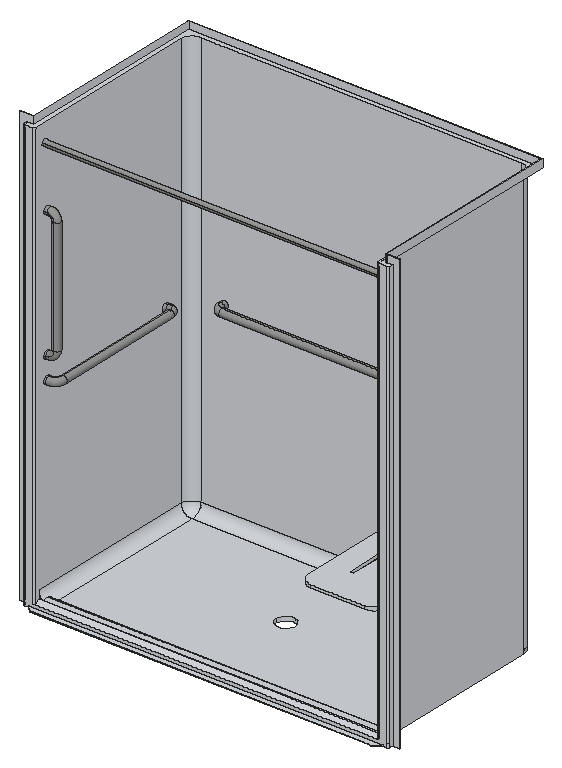
Revit family "OASIS SHFW-WX-6235", category Plumbing Fixtures, Revit 2017
Family settings
  Round Connector Dimension = Use Diameter
  Part Type = Normal
  OmniClass Number = 23.45.05.14.17.11
  OmniClass Title = Shower Compartments
  Work Plane-Based = No
  Always vertical = Yes
  Cut with Voids When Loaded = No
  Shared = No
  Room Calculation Point = No
Parameters (values of type "ANS17 package")
  Width [instance] = 5' - 2"
  Stainless steel = none
  URL = "www.oasisbath.com"
  Type Comments = "SHOWER"  # constant formula
  Shower Rod = yes
  Seat Finish = none
  Seat_Fold = yes
  Sanitary Connector = "Sanitary Connection"  # constant formula
  Product Documentation Link [instance] = "www.oasisbath.com"
  Model = "SHFW-WX-6235/ADA-TL"
  Manufacturer = "OASIS"  # constant formula
  Height [instance] = 6' - 4 3/4"
  Grab Bar Finish = none
  Bar_Vert = yes
  Bar_Horz_Right = no
  Bar_Horz_Left = yes
  Bar_Horz_Back_36" = yes
  Bar_Horz_Back_48" = no
  BIM Model By = "www.epoch-design.com"
  Description = ""
  Depth [instance] = 2' - 11"
  Color = none
Types (6): name | Shower Rod | Seat_Fold | Model | Bar_Vert | Bar_Horz_Right | Bar_Horz_Left | Bar_Horz_Back_36" | Bar_Horz_Back_48"
  Base Model, 3SF, 3SM, FH, TLRF, TDRFDS, & TLVRF packages | no | no | "SHFW-WX-6235/(3SF,3SM,FH,TLRF,TLRFDS,TLVRF)" | no | no | no | no | no
  2BAR package | no | no | "SHFW-WX-6235/2BAR" | no | no | yes | yes | no
  ADA-RI package | yes | no | "SHFW-WX-6235/ADA-RI" | no | yes | yes | no | yes
  ADA-TL package | yes | yes | "SHFW-WX-6235/ADA-TL" | no | no | yes | yes | no
  3BAR package | no | no | "SHFW-WX-6235/3BAR" | yes | no | yes | yes | no
  ANS17 package | yes | yes | "SHFW-WX-6235/ADA-TL" | yes | no | yes | yes | no
Reference planes (in)
  plane 1 "Back": y = 0
  plane 2 "Floor": z = 0
  plane 3 "Center (Left/Right)": x = 0
Forms (in)
  Sweep 1, solid, detail levels medium+fine
    path origin (0, 0, 0) x (1, 0, 0) y (0, 1, 0)
      loop
        line (33.25, -34.12636) -> (32, -34.12636) -> (32, -34.75)
        arc (32, -34.75) -> (31.92678, -34.92678) -> (31.75, -35) r 0.25
        line (31.75, -35) -> (30.25, -35)
        arc (30.25, -35) -> (30.07322, -34.92678) -> (30, -34.75) r 0.25
        line (30, -34.75) -> (30, -3)
        arc (30, -3) -> (29.41421, -1.58579) -> (28, -1) r 2
        line (28, -1) -> (-28, -1)
        arc (-28, -1) -> (-29.41421, -1.58579) -> (-30, -3) r 2
        line (-30, -3) -> (-30, -34.75)
        arc (-30, -34.75) -> (-30.07322, -34.92678) -> (-30.25, -35) r 0.25
        line (-30.25, -35) -> (-31.75, -35)
        arc (-31.75, -35) -> (-31.92678, -34.92678) -> (-32, -34.75) r 0.25
        line (-32, -34.75) -> (-32, -34.12636) -> (-33.25, -34.12636)
    profile origin (-32.625, -34.12636, 0) x (0, -1, 0) y (0, 0, 1)
      loop
        line (0, 0.75) -> (0, 75.5) -> (-0.125, 75.5) -> (-0.125, 0.75) -> (0, 0.75)
  Extrusion 2, solid, detail levels medium+fine
    sketch origin (0, 0, 75.5) x (1, 0, 0) y (0, 1, 0)
      loop
        arc (-31.875, -34.75) -> (-31.83839, -34.83839) -> (-31.75, -34.875) r 0.125
        line (-31.75, -34.875) -> (-30.25, -34.875)
        arc (-30.25, -34.875) -> (-30.16161, -34.83839) -> (-30.125, -34.75) r 0.125
        line (-30.125, -34.75) -> (-30.125, -3)
        arc (-30.125, -3) -> (-29.5026, -1.4974) -> (-28, -0.875) r 2.125
        line (-28, -0.875) -> (28, -0.875)
        arc (28, -0.875) -> (29.5026, -1.4974) -> (30.125, -3) r 2.125
        line (30.125, -3) -> (30.125, -34.75)
        arc (30.125, -34.75) -> (30.16161, -34.83839) -> (30.25, -34.875) r 0.125
        line (30.25, -34.875) -> (31.75, -34.875)
        arc (31.75, -34.875) -> (31.83839, -34.83839) -> (31.875, -34.75) r 0.125
        line (31.875, -34.75) -> (31.875, -34.00136) -> (31, -34.00136) -> (31, 0) -> (-31, 0) -> (-31, -34.00136) -> (-31.875, -34.00136) -> (-31.875, -34.75)
    from 0 to -0.125
  Extrusion 3, solid, detail levels medium+fine
    sketch origin (0, 0, 75.5) x (1, 0, 0) y (0, 1, 0)
      loop
        line (-31, -34.00136) -> (-33.25, -34.00136) -> (-33.25, -34.12636) -> (-30.875, -34.12636) -> (-30.875, -0.125) -> (30.875, -0.125) -> (30.875, -34.12636) -> (33.25, -34.12636) -> (33.25, -34.00136) -> (31, -34.00136) -> (31, 0) -> (-31, 0) -> (-31, -34.00136)
    from 0 to 1.25
  Extrusion 4, solid, detail levels medium+fine
    sketch origin (0, 0, 0.125) x (1, 0, 0) y (0, 1, 0)
      loop
        line (-30.125, -34.875) -> (30.125, -34.875) -> (30.125, -3)
        arc (30.125, -3) -> (29.5026, -1.4974) -> (28, -0.875) r 2.125
        line (28, -0.875) -> (-28, -0.875)
        arc (-28, -0.875) -> (-29.5026, -1.4974) -> (-30.125, -3) r 2.125
        line (-30.125, -3) -> (-30.125, -34.875)
    from 0 to 0.625
  Extrusion 5, solid, detail levels medium+fine
    sketch origin (-30, 0, 0) x (0, 1, 0) y (0, 0, 1)
      loop
        line (-32, 0.75) -> (-32.68702, 1.20801)
        arc (-32.68702, 1.20801) -> (-32.75325, 1.23927) -> (-32.82569, 1.25) r 0.25
        line (-32.82569, 1.25) -> (-34.06068, 1.25)
        arc (-34.06068, 1.25) -> (-34.11811, 1.24331) -> (-34.17248, 1.22361) r 0.25
        line (-34.17248, 1.22361) -> (-35, 0.75) -> (-32, 0.75)
    from 0 to 60
  Extrusion 6, solid, detail levels medium+fine
    sketch origin (0, 0, 0) x (1, 0, 0) y (0, 1, 0)
      loop
        line (-31, -35) -> (-30, -36) -> (30, -36) -> (31, -35) -> (-31, -35)
    from 0 to 0.125
  Extrusion 7, solid, detail levels medium+fine
    sketch origin (0, 0, 0) x (1, 0, 0) y (0, 1, 0)
      loop
        line (-33.25, -34.00136) -> (-33.25, -34.12636) -> (-32, -34.12636) -> (-32, -34.75)
        arc (-32, -34.75) -> (-31.92678, -34.92678) -> (-31.75, -35) r 0.25
        line (-31.75, -35) -> (31.75, -35)
        arc (31.75, -35) -> (31.92678, -34.92678) -> (32, -34.75) r 0.25
        line (32, -34.75) -> (32, -34.12636) -> (33.25, -34.12636) -> (33.25, -34.00136) -> (31.875, -34.00136) -> (31.875, -34.75)
        arc (31.875, -34.75) -> (31.83839, -34.83839) -> (31.75, -34.875) r 0.125
        line (31.75, -34.875) -> (-31.75, -34.875)
        arc (-31.75, -34.875) -> (-31.83839, -34.83839) -> (-31.875, -34.75) r 0.125
        line (-31.875, -34.75) -> (-31.875, -34.00136) -> (-33.25, -34.00136)
    from 0 to 0.75
  Extrusion 8, void
    sketch origin (0, 0, 0) x (1, 0, 0) y (0, 1, 0)
      loop
        circle (0, -17.5) r 1.6875
    from 0 to 0.75
  Sweep 9, solid, detail levels medium+fine
    path origin (0, 0, 0) x (1, 0, 0) y (0, 1, 0)
      loop
        line (30, -34) -> (30, -3)
        arc (30, -3) -> (29.41421, -1.58579) -> (28, -1) r 2
        line (28, -1) -> (-28, -1)
        arc (-28, -1) -> (-29.41421, -1.58579) -> (-30, -3) r 2
        line (-30, -3) -> (-30, -34)
    profile origin (-30, -18.5, 0) x (1, 0, 0) y (0, 0, 1)
      loop
        line (0, 2.625) -> (0, 0.75) -> (1.875, 0.75)
        arc (1.875, 0.75) -> (0.54917, 1.29917) -> (0, 2.625) r 1.875
  Extrusion 10, solid, detail levels coarse
    sketch origin (0, 0, 0) x (1, 0, 0) y (0, 1, 0)
      loop
        line (31, 0) -> (-31, 0) -> (-31, -34) -> (-33.25, -34) -> (-33.25, -36) -> (33.25, -36) -> (33.25, -34) -> (31, -34) -> (31, 0)
    from 0 to 76.75
Cuts and joins
  Extrusion 8 cuts Extrusion 4
  joined: Sweep 1, Extrusion 2, Extrusion 3, Extrusion 4, Extrusion 5, Extrusion 6, Extrusion 7, Sweep 9
Lines and regions (in)
  symbolic lines
    curve 1: line (31, 0, 0) -> (-31, 0, 0)
    curve 5: line (-31, 0, 0) -> (-31, -34.00136, 0)
    curve 8: line (31, 0, 0) -> (31, -34.00136, 0)
    curve 12: line (31, -35, 0) -> (-31, -35, 0)
    curve 40: line (-31, -36.25, 75.5) -> (31, -36.25, 75.5)
    curve 42: line (31, -36.25, 0) -> (-31, -36.25, 0)
    curve 80: line (0, -32, 0.75) -> (0, -31.875, 0.75)
    curve 83: line (0, -35, 0.125) -> (0, -35, 0.75)
  symbolic lines, detail levels medium+fine
    curve 2: line (28, -1, 0) -> (-28, -1, 0)
    curve 3: line (-33.25, -34.00136, 0) -> (-33.25, -34.12636, 0)
    curve 4: line (-32, -34.12636, 0) -> (-32, -34.75, 0)
    curve 6: line (-30, -3, 0) -> (-30, -34.75, 0)
    curve 7: line (30, -3, 0) -> (30, -34.75, 0)
    curve 10: arc (-30, -3, 0) -> (-29.41421, -1.58579, 0) -> (-28, -1, 0) r 2
    curve 11: arc (28, -1, 0) -> (29.41421, -1.58579, 0) -> (30, -3, 0) r 2
    curve 13: line (33.25, -34.12636, 0) -> (32, -34.12636, 0)
    curve 14: line (31.75, -35, 0) -> (31, -35, 0)
    curve 15: line (33.25, -34.00136, 0) -> (33.25, -34.12636, 0)
    curve 16: line (32, -34.12636, 0) -> (32, -34.75, 0)
    curve 17: line (33.25, -34.00136, 0) -> (31, -34.00136, 0)
    curve 18: arc (30, -34.75, 0) -> (30.07322, -34.92678, 0) -> (30.25, -35, 0) r 0.25
    curve 19: arc (32, -34.75, 0) -> (31.92678, -34.92678, 0) -> (31.75, -35, 0) r 0.25
    curve 22: line (-32, -34.12636, 0) -> (-33.25, -34.12636, 0)
    curve 23: line (-31, -35, 0) -> (-31.75, -35, 0)
    curve 24: line (-31, -34.00136, 0) -> (-33.25, -34.00136, 0)
    curve 25: arc (-30.25, -35, 0) -> (-30.07322, -34.92678, 0) -> (-30, -34.75, 0) r 0.25
    curve 26: arc (-32, -34.75, 0) -> (-31.92678, -34.92678, 0) -> (-31.75, -35, 0) r 0.25
    curve 39: circle (0, -17.5, 0) r 1.6875 normal (0, 0, 1)
    curve 49: line (-32, -36.25, 75.5) -> (-32, -36.25, 0)
    curve 50: line (32, -36.25, 75.5) -> (32, -36.25, 0)
    curve 51: line (-32, -36.25, 75.5) -> (-31, -36.25, 75.5)
    curve 52: line (31, -36.25, 75.5) -> (32, -36.25, 75.5)
    curve 53: line (31, -36.25, 0) -> (32, -36.25, 0)
    curve 55: line (-31, -36.25, 0) -> (-32, -36.25, 0)
    curve 59: line (-30, -36.25, 75.5) -> (-30, -36.25, 2.75)
    curve 60: line (30, -36.25, 75.5) -> (30, -36.25, 2.75)
    curve 61: line (-29.32288, -36.25, 1.25) -> (29.32288, -36.25, 1.25)
    curve 66: line (0, -34.12636, 75.5) -> (0, -34.12636, 76.75)
    curve 67: line (0, -34.12636, 76.75) -> (0, 0, 76.75)
    curve 68: line (0, 0, 75.5) -> (0, 0, 76.75)
    curve 69: line (0, -1, 2.75) -> (0, -1, 75.5)
    curve 70: line (0, -3.12556, 0.75) -> (0, -3, 0.75)
    curve 74: line (0, -34.12636, 1.25) -> (0, -32.75, 1.25)
    curve 75: line (0, -19.1875, 0) -> (0, -19.1875, 0.125)
    curve 76: line (0, -15.8125, 0) -> (0, -15.8125, 0.125)
    curve 77: line (0, -15.8125, 0.125) -> (0, -15.3125, 0.125)
    curve 78: line (0, -19.6875, 0.125) -> (0, -19.1875, 0.125)
    curve 79: line (0, -15.3125, 0.125) -> (0, -3.12556, 0.75)
    curve 81: line (0, -31.875, 0.75) -> (0, -19.6875, 0.125)
    curve 82: arc (0, -1, 2.75) -> (0, -1.58579, 1.33579) -> (0, -3, 0.75) r 2
    curve 84: line (0, -35, 0.75) -> (0, -34.12636, 1.25)
    curve 85: line (0, -32.75, 1.25) -> (0, -32, 0.75)
    curve 91: arc (-30, -36.25, 2.75) -> (-29.82288, -36.25, 1.92712) -> (-29.32288, -36.25, 1.25) r 2
    curve 92: arc (29.32288, -36.25, 1.25) -> (29.82288, -36.25, 1.92712) -> (30, -36.25, 2.75) r 2
    curve 93: line (0, -19.1875, 0) -> (0, -15.8125, 0)
  symbolic lines, detail levels fine
    curve 9: line (30, -32, 0) -> (-30, -32, 0)
    curve 20: line (30, -36, 0) -> (-30, -36, 0)
    curve 21: line (30, -36, 0) -> (31, -35, 0)
    curve 27: line (-31, -35, 0) -> (-30, -36, 0)
    curve 28: line (30.875, -0.125, 0) -> (-30.875, -0.125, 0)
    curve 29: line (-30.875, -0.125, 0) -> (-30.875, -34.12636, 0)
    curve 30: line (30.875, -0.125, 0) -> (30.875, -34.12636, 0)
    curve 31: line (32, -34.12636, 0) -> (30.875, -34.12636, 0)
    curve 32: line (-30.875, -34.12636, 0) -> (-32, -34.12636, 0)
    curve 33: line (30, -34.12636, 0) -> (-30, -34.12636, 0)
    curve 34: line (30, -32.75, 0) -> (-30, -32.75, 0)
    curve 46: line (-33.25, -36.25, 76.75) -> (-33.25, -36.25, 0)
    curve 47: line (-33.25, -36.25, 76.75) -> (33.25, -36.25, 76.75)
    curve 48: line (33.25, -36.25, 76.75) -> (33.25, -36.25, 0)
    curve 54: line (32, -36.25, 0) -> (33.25, -36.25, 0)
    curve 56: line (-32, -36.25, 0) -> (-33.25, -36.25, 0)
    curve 57: line (31, -36.25, 76.75) -> (31, -36.25, 75.5)
    curve 58: line (-31, -36.25, 76.75) -> (-31, -36.25, 75.5)
    curve 62: line (-30, -36.25, 0.75) -> (30, -36.25, 0.75)
    curve 63: line (-31, -36.25, 0.125) -> (31, -36.25, 0.125)
    curve 71: line (0, -36, 0) -> (0, -36, 0.125)
    curve 72: line (0, -36, 0.125) -> (0, -35, 0.125)
    curve 73: line (0, -36, 0) -> (0, -35, 0)
    curve 90: line (0, -0.125, 75.5) -> (0, -0.125, 76.75)
  symbolic lines, style "PlumbingFixturesHiddenLines", detail levels coarse
    curve 35: line (-31, 0, 0) -> (31, -35, 0)
    curve 36: line (31, 0, 0) -> (-31, -35, 0)
    curve 44: line (-31, -36.25, 75.5) -> (31, -36.25, 0)
    curve 45: line (31, -36.25, 75.5) -> (-31, -36.25, 0)
    curve 64: line (0, -35, 75.5) -> (0, 0, 0)
    curve 65: line (0, 0, 75.5) -> (0, -35, 0)
  symbolic lines, detail levels coarse
    curve 37: line (-31, -34.00136, 0) -> (-31, -35, 0)
    curve 38: line (31, -34.00136, 0) -> (31, -35, 0)
    curve 41: line (-31, -36.25, 0) -> (-31, -36.25, 75.5)
    curve 43: line (31, -36.25, 75.5) -> (31, -36.25, 0)
  symbolic lines, style "PlumbingFixtures", detail levels coarse
    curve 86: line (0, 0, 75.5) -> (0, 0, 0)
    curve 88: line (0, 0, 0) -> (0, -35, 0)
  symbolic lines, style "PlumbingFixtures"
    curve 87: line (0, -35, 0.75) -> (0, -35, 75.5)
    curve 89: line (0, -35, 75.5) -> (0, 0, 75.5)
Dimensions and locks (in)
  aligned and locked: level to plane 2 "Floor"
  aligned and locked: Sweep 1 sketch curve to curve 26
  aligned and locked: Sweep 1 sketch curve to curve 25
  aligned and locked: Sweep 1 sketch curve to curve 10
  aligned and locked: Sweep 1 sketch curve to curve 11
  aligned and locked: Sweep 1 sketch curve to curve 18
  aligned and locked: Sweep 1 sketch curve to curve 19
  aligned and locked: Extrusion 2 sketch curve to Sweep 1  (x6)
  aligned and locked: Extrusion 4 sketch curve to Extrusion 2  (x2)
  aligned and locked: Extrusion 7 sketch curve to Sweep 1  (x2)
  aligned and locked: Extrusion 7 sketch curve to Extrusion 2  (x2)
  aligned and locked: Extrusion 8 sketch curve to curve 39
  aligned and locked: Sweep 9 sketch curve to curve 10
  aligned and locked: Sweep 9 sketch curve to curve 11
Nested families (in)
  nested 1: "Label Annotation 1-16" at (0, -17.5, 0), type "Label Annotation 1-16", detail levels coarse
  nested 2: "Grab Bar-A" at (-30, -6.5, 35) x (0, 1, 0) z (1, 0, 0), visible <- "Bar_Horz_Left", type "Grab Bar-A", detail levels fine
    with Length 2' - 2"
  nested 3: "Grab Bar-A" at (-24, -1, 35) x (-1, 0, 0) z (0, -1, 0), visible <- "Bar_Horz_Back_48"", type "Grab Bar-A", detail levels fine
    with Length 4' - 0"
  nested 4: "Grab Bar-A" at (-24, -1, 35) x (-1, 0, 0) z (0, -1, 0), visible <- "Bar_Horz_Back_36"", type "Grab Bar-A", detail levels fine
    with Length 3' - 0"
  nested 5: "Grab Bar-A" at (30, -6.5, 35) x (0, 1, 0) z (-1, 0, 0), visible <- "Bar_Horz_Right", type "Grab Bar-A", detail levels fine
    with Length 2' - 2"
  nested 6: "Curtain Rod-A" at (-30, -33, 72.5) x (0, -1, 0) z (1, 0, 0), visible <- "Shower Rod", type "Curtain Rod-A", detail levels fine
    with Length 5' - 0"
  nested 7: "Folding Seat-A" at (30, -17.25, 18.75) x (0, -1, 0) z (-1, 0, 0), visible <- "Seat_Fold", type "Folding Seat-A", detail levels fine
  nested 8: "Grab Bar-A" at (-30, -32.5, 61.65926) x (0, 0, 1) z (1, 0, 0), visible <- "Bar_Vert", type "Grab Bar-A", detail levels fine
    with Length 1' - 10.65926"
Connectors (in)
  piping at (0, -17.5, 0.125), diameter 3.375, driven by "Sanitary Connector"
    settings: on cut or joined group of Sweep 1, Extrusion 2, Extrusion 3, Extrusion 4, Extrusion 5, Extrusion 6, Extrusion 7, Extrusion 8, Sweep 9, index 1, connector inside diameter 3 3/8", connector length 0' - 0", flow factor 0, pipe flow 0 GPM, pressure drop 0.00 psi, fitting loss kfactor 0, connector angle 0.00°, fixture units 0, engagement length 0' - 0", angle of deflection 0.00°, flow configuration 0, flow direction 2, fitting loss method 0, system type 16, joint type 0, gender type 0, connector reference index -1, connector utility 0, adjustable connector no, is connector primary yes, connector description "Sanitary Connection"
Definition of nested family "Grab Bar-A"
  Parameters
    Radius = Diameter / 2  # 0' - 0 5/8"
    Outside Corner = Diameter * 1.5  # 0' - 1 7/8"
    Length [instance] = 2' - 0"
    Inside Corner = Diameter / 2  # 0' - 0 5/8"
    Diameter = 0' - 1 1/4"
    Depth = Diameter  # 0' - 1 1/4"
    Default Elevation = 0' - 0"
    Grab Bar Color = none
  Reference planes (in)
    plane 1 "Center (Front/Back)": y = 0
    plane 2 "Wall": z = 0
    plane 3 "Right": x = 0
    plane 4 "Left": x = -24
    plane 5: y = 0.625
    plane 6: y = -0.625
    plane 7: x = -23.375
    plane 8: x = -24.625
    plane 9: x = -0.625
    plane 10: x = 0.625
    plane 11: z = 1.25
    plane 12: z = 1.875
    plane 13: z = 2.5
  Forms (in)
    Extrusion 1, solid
      sketch origin (-10.75, -0.25, 0) x (1, 0, 0) y (0, 1, 0)
        loop
          line (-57.75, 48) -> (-57.75, -48) -> (27.8657, -48) -> (27.8657, 48) -> (-57.75, 48)
      from 0 to -12
    Sweep 2, solid, material <- "Grab Bar Color"
      path origin (0, 0, 0) x (1, 0, 0) y (0, 0, 1)
        loop
          line (0, 0) -> (0, 0.75)
          arc (0, 0.75) -> (-0.3295, 1.5455) -> (-1.125, 1.875) r 1.125
          line (-1.125, 1.875) -> (-22.625, 1.875)
          arc (-22.625, 1.875) -> (-23.59727, 1.47227) -> (-24, 0.5) r 1.375
          line (-24, 0.5) -> (-24, 0)
      profile origin (-24, 0, 0.25) x (0, -1, 0) y (1, 0, 0)
        loop
          circle (0, 0) r 0.625
  Lines and regions (in)
    symbolic lines
      curve 1: line (-24.625, 0, 0.625) -> (-24.625, 0, 0)
      curve 2: line (-23.375, 0, 0.625) -> (-23.375, 0, 0)
      curve 3: line (-22.75, 0, 1.25) -> (-1.25, 0, 1.25)
      curve 4: line (-22.75, 0, 2.5) -> (-1.25, 0, 2.5)
      curve 5: line (-0.625, 0, 0.625) -> (-0.625, 0, 0)
      curve 6: line (0.625, 0, 0.625) -> (0.625, 0, 0)
      curve 7: arc (-23.375, 0, 0.625) -> (-23.19194, 0, 1.06694) -> (-22.75, 0, 1.25) r 0.625
      curve 8: arc (-1.25, 0, 1.25) -> (-0.80806, 0, 1.06694) -> (-0.625, 0, 0.625) r 0.625
      curve 9: arc (-24.625, 0, 0.625) -> (-24.07583, 0, 1.95083) -> (-22.75, 0, 2.5) r 1.875
      curve 10: arc (-1.25, 0, 2.5) -> (0.07583, 0, 1.95083) -> (0.625, 0, 0.625) r 1.875
      curve 11: line (-24, 0.625, 0) -> (0, 0.625, 0)
      curve 12: line (-24, -0.625, 0) -> (0, -0.625, 0)
      curve 13: arc (-24.625, 0, 0) -> (-24.44194, 0.44194, 0) -> (-24, 0.625, 0) r 0.625
      curve 14: arc (-24.625, 0, 0) -> (-24.44194, -0.44194, 0) -> (-24, -0.625, 0) r 0.625
      curve 15: arc (0, 0.625, 0) -> (0.44194, 0.44194, 0) -> (0.625, 0, 0) r 0.625
      curve 16: arc (0.625, 0, 0) -> (0.44194, -0.44194, 0) -> (0, -0.625, 0) r 0.625
      curve 17: line (0, -0.625, 1.875) -> (0, -0.625, 0)
      curve 18: line (0, 0.625, 1.875) -> (0, 0.625, 0)
      curve 19: arc (0, -0.625, 1.875) -> (0, -0.44194, 2.31694) -> (0, 0, 2.5) r 0.625
      curve 20: arc (0, 0, 2.5) -> (0, 0.44194, 2.31694) -> (0, 0.625, 1.875) r 0.625
  Dimensions and locks (in)
    "Length": plane 4 "Left" to plane 3 "Right"
    equal spacing: plane 8, plane 4 "Left", plane 7
    "Diameter": plane 8 to plane 7
    equal spacing: plane 9, plane 3 "Right", plane 10
    "Diameter": plane 9 to plane 10
    equal spacing: plane 5, plane 1 "Center (Front/Back)", plane 6
    "Diameter": plane 5 to plane 6
    equal spacing: plane 13, plane 12, plane 11
    "Diameter": plane 13 to plane 11
    "Depth": plane 11 to level
    "Inside Corner": radius of curve 7
    "Outside Corner": radius of curve 9
    "Inside Corner": radius of curve 8
    "Outside Corner": radius of curve 10
    "Radius": radius of curve 13
    "Radius": radius of curve 14
    "Radius": radius of curve 16
    "Radius": radius of curve 15
    "Radius": radius of curve 19
    "Radius": radius of curve 20
    aligned and locked: plane 2 "Wall" to Extrusion 1
    aligned and locked: level to Extrusion 1
    aligned and locked: curve 1 to plane 8
    aligned and locked: curve 2 to plane 7
    aligned and locked: curve 3 to plane 11
    aligned and locked: curve 4 to plane 13
    aligned and locked: curve 5 to plane 9
    aligned and locked: curve 11 to plane 5
    aligned and locked: curve 12 to plane 6
    aligned and locked: curve 17 to plane 6
    aligned and locked: curve 18 to plane 5
    aligned and locked: Sweep 2 sketch curve to plane 4 "Left"
    aligned and locked: Sweep 2 sketch curve to plane 12
    aligned and locked: Sweep 2 sketch curve to plane 3 "Right"
    aligned and locked: Sweep 2 sketch curve to curve 13
  Automatic sketch dimensions
    Extrusion 1 sketch curve to Extrusion 1 sketch curve = 7' - 1.6157"
    Extrusion 1 sketch curve to Extrusion 1 sketch curve = 8' - 0"
    curve 8 to curve 10 = 0' - 0"
    curve 6 to level = 0' - 0"
    curve 1 to level = 0' - 0"
    curve 2 to level = 0' - 0"
    curve 5 to level = 0' - 0"
    curve 12 to plane 3 "Right" = 0' - 0"
    curve 18 to level = 0' - 0"
    curve 17 to curve 18 = 0' - 0"
    curve 18 to plane 12 = 0' - 0"
    plane 7 to Sweep 2 sketch curve = 0' - 0 3/4"
    level to Sweep 2 sketch curve = 0' - 0 3/4"
    Sweep 2 sketch curve to level = 0' - 0"  (x2)
    curve 13 to curve 14 = 0' - 0"
    curve 12 to plane 4 "Left" = 0' - 0"
Definition of nested family "Curtain Rod-A"
  Parameters
    Length [instance] = 4' - 0"
    Default Elevation = 0' - 0"
    Curtain Rod Color = none
  Reference planes (in)
    plane 1 "Center (Front/Back)": y = 0
    plane 2: z = 0
    plane 3 "Center (Left/Right)": x = 0
  Forms (in)
    Extrusion 1, solid
      sketch origin (0, 0, 0) x (1, 0, 0) y (0, 1, 0)
        loop
          line (-48, 48) -> (-48, -48) -> (48, -48) -> (48, 48) -> (-48, 48)
      from 0 to -12
    Extrusion 2, solid
      sketch origin (0, 0, 0) x (1, 0, 0) y (0, 1, 0)
        loop
          circle (0, 0) r 0.5
      from 0 to 48 <- "Length"
  Lines and regions (in)
    symbolic lines
      curve 1: line (-0.5, 0, 48) -> (-0.5, 0, 0)
      curve 2: line (0.5, 0, 48) -> (0.5, 0, 0)
      curve 3: line (0.5, 0, 0) -> (-0.5, 0, 0)
      curve 4: line (0.5, 0, 48) -> (-0.5, 0, 48)
      curve 5: line (0, 0.5, 48) -> (0, -0.5, 48)
      curve 6: line (0, 0.5, 0) -> (0, -0.5, 0)
      curve 7: line (0, 0.5, 0) -> (0, 0.5, 48)
      curve 8: line (0, -0.5, 0) -> (0, -0.5, 48)
      curve 9: circle (0, 0, 0) r 0.5 normal (0, 0, 1)
  Dimensions and locks (in)
    aligned and locked: plane 2 to Extrusion 1
    aligned and locked: level to Extrusion 1
    aligned and locked: Extrusion 1 to curve 3
    aligned and locked: curve 4 to Extrusion 2
    aligned and locked: curve 5 to Extrusion 2
    aligned and locked: Extrusion 1 to curve 6
Definition of nested family "Folding Seat-A"
  Parameters
    Width = 1' - 1 1/2"
    Shower Seat Frame = none
    Shower Seat = none
    Lenght = 2' - 5 1/2"
    Depth = 0' - 0 1/2"
    Default Elevation = 0' - 0"
  Reference planes (in)
    plane 1 "Center (Front/Back)": y = 0
    plane 2: z = 0
    plane 3 "Center (Left/Right)": x = 0
    plane 4: x = -14.75
    plane 5: x = 14.75
    plane 6: z = 16
    plane 7: z = 2.5
    plane 8: y = -0.5
  Forms (in)
    Extrusion 1, solid
      sketch origin (0, 0, 0) x (1, 0, 0) y (0, 1, 0)
        loop
          line (-48, 48) -> (-48, -48) -> (48, -48) -> (48, 48) -> (-48, 48)
      from 0 to -12
    Extrusion 2, solid, material <- "Shower Seat"
      sketch origin (0, 0, 0) x (1, 0, 0) y (0, 0, 1)
        loop
          arc (-12.75, 16) -> (-14.16421, 15.41421) -> (-14.75, 14) r 2
          line (-14.75, 14) -> (-14.75, 4.5)
          arc (-14.75, 4.5) -> (-14.16421, 3.08579) -> (-12.75, 2.5) r 2
          line (-12.75, 2.5) -> (12.75, 2.5)
          arc (12.75, 2.5) -> (14.16421, 3.08579) -> (14.75, 4.5) r 2
          line (14.75, 4.5) -> (14.75, 14)
          arc (14.75, 14) -> (14.16421, 15.41421) -> (12.75, 16) r 2
          line (12.75, 16) -> (-12.75, 16)
      from 0 to 0.5
    Extrusion 3, void
      sketch origin (0, 0, 0) x (1, 0, 0) y (0, 0, 1)
        loop
          line (-8.5, 11.25) -> (-2.25, 11.25)
          arc (-2.25, 11.25) -> (-2.07322, 11.32322) -> (-2, 11.5) r 0.25
          line (-2, 11.5) -> (-2, 11.75)
          arc (-2, 11.75) -> (-2.07322, 11.92678) -> (-2.25, 12) r 0.25
          line (-2.25, 12) -> (-8.5, 12)
          arc (-8.5, 12) -> (-8.67678, 11.92678) -> (-8.75, 11.75) r 0.25
          line (-8.75, 11.75) -> (-8.75, 11.5)
          arc (-8.75, 11.5) -> (-8.67678, 11.32322) -> (-8.5, 11.25) r 0.25
        loop
          line (-8.5, 6.5) -> (-2.25, 6.5)
          arc (-2.25, 6.5) -> (-2.07322, 6.57322) -> (-2, 6.75) r 0.25
          line (-2, 6.75) -> (-2, 7)
          arc (-2, 7) -> (-2.07322, 7.17678) -> (-2.25, 7.25) r 0.25
          line (-2.25, 7.25) -> (-8.5, 7.25)
          arc (-8.5, 7.25) -> (-8.67678, 7.17678) -> (-8.75, 7) r 0.25
          line (-8.75, 7) -> (-8.75, 6.75)
          arc (-8.75, 6.75) -> (-8.67678, 6.57322) -> (-8.5, 6.5) r 0.25
        loop
          line (2.25, 11.25) -> (8.5, 11.25)
          arc (8.5, 11.25) -> (8.67678, 11.32322) -> (8.75, 11.5) r 0.25
          line (8.75, 11.5) -> (8.75, 11.75)
          arc (8.75, 11.75) -> (8.67678, 11.92678) -> (8.5, 12) r 0.25
          line (8.5, 12) -> (2.25, 12)
          arc (2.25, 12) -> (2.07322, 11.92678) -> (2, 11.75) r 0.25
          line (2, 11.75) -> (2, 11.5)
          arc (2, 11.5) -> (2.07322, 11.32322) -> (2.25, 11.25) r 0.25
        loop
          line (2.25, 6.5) -> (8.5, 6.5)
          arc (8.5, 6.5) -> (8.67678, 6.57322) -> (8.75, 6.75) r 0.25
          line (8.75, 6.75) -> (8.75, 7)
          arc (8.75, 7) -> (8.67678, 7.17678) -> (8.5, 7.25) r 0.25
          line (8.5, 7.25) -> (2.25, 7.25)
          arc (2.25, 7.25) -> (2.07322, 7.17678) -> (2, 7) r 0.25
          line (2, 7) -> (2, 6.75)
          arc (2, 6.75) -> (2.07322, 6.57322) -> (2.25, 6.5) r 0.25
      from 0 to 0.5
    Extrusion 4, solid
      sketch origin (0, 0.25, 0) x (1, 0, 0) y (0, 0, 1)
        loop
          line (-11.5, 0.25) -> (-10, 0.25) -> (-10, 8.5) -> (10, 8.5) -> (10, 0.25) -> (11.5, 0.25) -> (11.5, 15) -> (10, 15) -> (10, 10) -> (-10, 10) -> (-10, 15) -> (-11.5, 15) -> (-11.5, 0.25)
      from 0.75 to 2.25
    Extrusion 5, solid
      sketch origin (0, 0, 0) x (1, 0, 0) y (0, 0, 1)
        loop
          line (-11.5, 2.5) -> (-11.625, 2.5) -> (-11.625, 0) -> (-9.875, 0) -> (-9.875, 2.5) -> (-10, 2.5) -> (-10, 0.125) -> (-11.5, 0.125) -> (-11.5, 2.5)
      from 0 to 6
    Extrusion 6, solid
      sketch origin (0, 0, 0) x (-1, 0, 0) y (0, 0, -1)
        loop
          line (-11.5, -2.5) -> (-11.5, -0.125) -> (-10, -0.125) -> (-10, -2.5) -> (-9.875, -2.5) -> (-9.875, 0) -> (-11.625, 0) -> (-11.625, -2.5) -> (-11.5, -2.5)
      from 0 to 6
  Cuts and joins
    Extrusion 3 cuts Extrusion 2
  Dimensions and locks (in)
    equal spacing: plane 5, plane 3 "Center (Left/Right)", plane 4
    "Lenght": plane 5 to plane 4
    plane 7 to level = 0' - 2 1/2"
    "Width": plane 6 to plane 7
    "Depth": plane 8 to plane 1 "Center (Front/Back)"
    plane 8 to plane 1 "Center (Front/Back)" = 0' - 0 1/2"
    aligned and locked: plane 2 to Extrusion 1
    aligned and locked: level to Extrusion 1
    aligned and locked: Extrusion 2 sketch curve to plane 6
    aligned and locked: plane 4 to Extrusion 2 sketch curve
    aligned and locked: plane 7 to Extrusion 2 sketch curve
    aligned and locked: Extrusion 2 sketch curve to plane 5
    aligned and locked: Extrusion 2 to Extrusion 3
    aligned and locked: Extrusion 2 to plane 1 "Center (Front/Back)"
    aligned and locked: Extrusion 4 sketch curve to Extrusion 4 sketch curve  (x3)
    aligned and locked: Extrusion 4 to Extrusion 5 sketch curve
    aligned and locked: Extrusion 5 sketch curve to Extrusion 4
    aligned and locked: Extrusion 1 to Extrusion 5 sketch curve
    aligned and locked: cut or joined group of Extrusion 2, Extrusion 3 to Extrusion 5 sketch curve  (x2)
  Automatic sketch dimensions
    Extrusion 1 sketch curve to Extrusion 1 sketch curve = 8' - 0"  (x2)
    plane 4 to Extrusion 2 sketch curve = 0' - 2"  (x2)
    plane 7 to Extrusion 2 sketch curve = 0' - 2"
    Extrusion 2 sketch curve to plane 5 = 0' - 2"
    plane 4 to Extrusion 3 sketch curve = 0' - 6"
    plane 7 to Extrusion 3 sketch curve = 0' - 4"  (x2)
    Extrusion 3 sketch curve to Extrusion 3 sketch curve = 0' - 0"  (x6)
    Extrusion 3 sketch curve to Extrusion 3 sketch curve = 0' - 0 1/4"  (x16)
    Extrusion 3 sketch curve to plane 3 "Center (Left/Right)" = 0' - 2 1/4"  (x2)
    plane 3 "Center (Left/Right)" to Extrusion 3 sketch curve = 0' - 2"  (x2)
    Extrusion 3 sketch curve to plane 5 = 0' - 6 1/4"
    Extrusion 3 sketch curve to Extrusion 3 sketch curve = 0' - 4"  (x2)
    level to Extrusion 4 sketch curve = 0' - 0 1/4"
    plane 4 to Extrusion 4 sketch curve = 0' - 3 1/4"
    plane 7 to Extrusion 4 sketch curve = 0' - 6"
    plane 4 to Extrusion 4 sketch curve = 0' - 4 3/4"
    Extrusion 4 sketch curve to plane 5 = 0' - 4 3/4"
    Extrusion 4 sketch curve to Extrusion 4 sketch curve = 0' - 1 1/2"  (x2)
    Extrusion 4 sketch curve to plane 6 = 0' - 1"  (x2)
    plane 4 to Extrusion 5 sketch curve = 0' - 3 1/8"
    level to Extrusion 5 sketch curve = 0' - 0 1/8"
    Extrusion 5 sketch curve to Extrusion 5 sketch curve = 0' - 0 1/8"
    Extrusion 6 sketch curve to level = 0' - 0"
    Extrusion 6 sketch curve to plane 7 = 0' - 0"  (x2)
    plane 5 to Extrusion 6 sketch curve = 0' - 3 1/8"
    Extrusion 6 sketch curve to level = 0' - 0 1/8"
    Extrusion 6 sketch curve to Extrusion 6 sketch curve = 0' - 0 1/8"  (x2)
    Extrusion 6 sketch curve to Extrusion 6 sketch curve = 0' - 1 1/2"
Definition of nested family "Label Annotation 1-16"
  Parameters
    Label = ""
  Reference planes (in)
    plane 1: y = 0
    plane 2: x = 0
  Text (in)
    label "Label" at (0.00375, -0.00345, 0), shows "Label"
